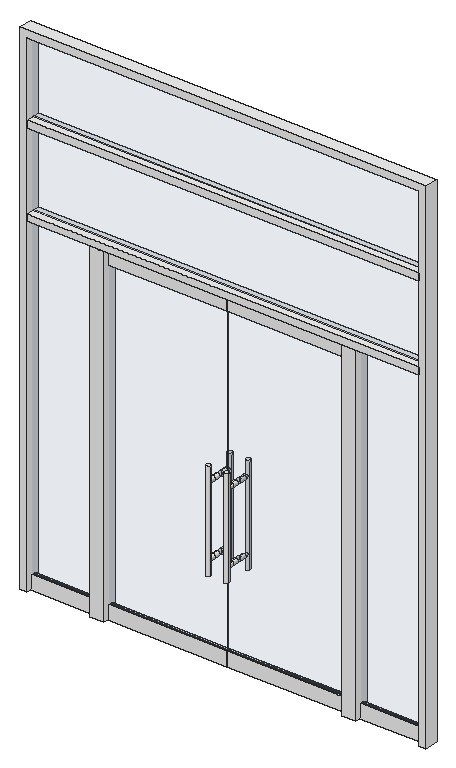
Revit family
Parameters
  프레임 투영 외부. = 25 mm
  프레임 투영 내부. = 25 mm
  프레임 폭 = 75 mm
  Height = 3600 mm
  Wall Closure = (empty or 0)
  Width = 2900 mm
  문 리프 길이 = 0.5 * 문 폭 - 50 mm  # 850 mm
  문 폭 = 1800 mm
  문 두께 = 100 mm
  문 패널 = SSD4 문 패널
  문 높이 = 2400 mm
  문 핸들 = 금속 - 크롬(2)
  문 프레임 = SSD4 문 프레임
Reference planes
  plane 1: y = 0
  plane 2 "왼쪽": x = -2750
  plane 3 "오른쪽": x = 150
  plane 4: z = 3600
  plane 5 "외부": y = 75
  plane 6 "내부": y = -75
  plane 7: x = -2200
  plane 8: x = -2700
  plane 9: x = 100
  plane 10: x = -2250
  plane 11: x = -2150
  plane 12: y = 50
  plane 13: y = -50
  plane 14: z = 3550
  plane 15: z = 2375
  plane 16: z = 2425
  plane 17: z = 2275
  plane 18: z = 100
  plane 19: y = 6
  plane 20: y = -6
  plane 21: y = 16
  plane 22: y = -16
  plane 23: x = -1300
  plane 24: x = -1365
  plane 25: x = -1235
  plane 26: z = 600
  plane 27: z = 1200
  plane 28: x = -400
  plane 29: x = -350
  plane 30: z = 2400
  plane 31: z = 3000
  plane 32: z = 2975
  plane 33: z = 3025
  plane 34: y = -850
  plane 35: y = 850
Forms (mm)
  Sweep 1, solid, material "SSD4 문 프레임" <- "문 프레임"
    path origin (0, 75, 0) x (1, 0, 0) y (0, 0, 1)
      loop
        line (150, 0) -> (150, 3600) -> (-2750, 3600) -> (-2750, 0)
    profile origin (150, 75, 1800) x (-1, 0, 0) y (0, -1, 0)
      loop
        line (50, 25) -> (50, 125) -> (0, 125) -> (0, 25) -> (50, 25)
  Extrusion 2, solid, material "SSD4 문 프레임" <- "문 프레임"
    sketch origin (-25, 0, 0) x (1, 0, 0) y (0, 1, 0)
      loop
        line (-2225, 50) -> (-2225, -50) -> (-2125, -50) -> (-2125, 50) -> (-2225, 50)
      loop
        line (-425, 50) -> (-425, -50) -> (-325, -50) -> (-325, 50) -> (-425, 50)
    from 0 to 2375
  Extrusion 3, solid, material "SSD4 문 패널" <- "문 패널"
    sketch origin (0, 0, 0) x (1, 0, 0) y (0, 1, 0)
      loop
        line (-2700, 6) -> (-2700, -6) -> (-2250, -6) -> (-2250, 6) -> (-2700, 6)
      loop
        line (-350, 6) -> (-350, -6) -> (100, -6) -> (100, 6) -> (-350, 6)
    from 0 to 2375
  Extrusion 4, solid, material "SSD4 문 패널" <- "문 패널"
    sketch origin (900, 0, 0) x (1, 0, 0) y (0, 1, 0)
      loop
        line (-3050, 6) -> (-3050, -6) -> (-2200, -6) -> (-2200, 6) -> (-3050, 6)
    from 0 to 2375
  Extrusion 5, solid, material "SSD4 문 패널" <- "문 패널"
    sketch origin (900, 0, 0) x (1, 0, 0) y (0, 1, 0)
      loop
        line (-2200, 6) -> (-2200, -6) -> (-1350, -6) -> (-1350, 6) -> (-2200, 6)
    from 0 to 2375
  Extrusion 6, solid, material "SSD4 문 프레임" <- "문 프레임"
    sketch origin (0, 0, 0) x (1, 0, 0) y (0, 1, 0)
      loop
        line (-2700, 6) -> (-2250, 6) -> (-2250, 16) -> (-2700, 16) -> (-2700, 6)
      loop
        line (-2700, -16) -> (-2250, -16) -> (-2250, -6) -> (-2700, -6) -> (-2700, -16)
      loop
        line (-350, 6) -> (100, 6) -> (100, 16) -> (-350, 16) -> (-350, 6)
      loop
        line (-350, -16) -> (100, -16) -> (100, -6) -> (-350, -6) -> (-350, -16)
    from 0 to 100
  Extrusion 7, solid, material "SSD4 문 프레임" <- "문 프레임"
    sketch origin (900, 0, 0) x (1, 0, 0) y (0, 1, 0)
      loop
        line (-3050, -16) -> (-2200, -16) -> (-2200, -6) -> (-3050, -6) -> (-3050, -16)
      loop
        line (-3050, 6) -> (-2200, 6) -> (-2200, 16) -> (-3050, 16) -> (-3050, 6)
    from 0 to 100
  Extrusion 8, solid, material "SSD4 문 프레임" <- "문 프레임"
    sketch origin (900, 0, 0) x (1, 0, 0) y (0, 1, 0)
      loop
        line (-2200, -16) -> (-1350, -16) -> (-1350, -6) -> (-2200, -6) -> (-2200, -16)
      loop
        line (-2200, 6) -> (-1350, 6) -> (-1350, 16) -> (-2200, 16) -> (-2200, 6)
    from 0 to 100
  Extrusion 9, solid, material "SSD4 문 프레임" <- "문 프레임"
    sketch origin (-2581.693, 300, 2275) x (0, 1, 0) y (1, 0, 0)
      loop
        line (-294, 431.693) -> (-284, 431.693) -> (-284, 1281.693) -> (-294, 1281.693) -> (-294, 431.693)
      loop
        line (-316, 431.693) -> (-306, 431.693) -> (-306, 1281.693) -> (-316, 1281.693) -> (-316, 431.693)
    from 0 to -100
  Extrusion 10, solid, material "SSD4 문 프레임" <- "문 프레임"
    sketch origin (-2581.693, 300, 2275) x (0, 1, 0) y (1, 0, 0)
      loop
        line (-294, 1281.693) -> (-284, 1281.693) -> (-284, 2131.693) -> (-294, 2131.693) -> (-294, 1281.693)
      loop
        line (-316, 1281.693) -> (-306, 1281.693) -> (-306, 2131.693) -> (-316, 2131.693) -> (-316, 1281.693)
    from 0 to -100
  Extrusion 11, solid, material "SSD4 문 패널" <- "문 패널"
    sketch origin (-2631.693, 300, 2375) x (0, 1, 0) y (1, 0, 0)
      loop
        line (-294, -118.307) -> (-294, 2731.693) -> (-306, 2731.693) -> (-306, -118.307) -> (-294, -118.307)
    from -50 to -600
  Extrusion 12, solid, material "SSD4 문 패널" <- "문 패널"
    sketch origin (-2581.693, 300, 2375) x (0, 1, 0) y (1, 0, 0)
      loop
        line (-294, -168.307) -> (-294, 2681.693) -> (-306, 2681.693) -> (-306, -168.307) -> (-294, -168.307)
    from -650 to -1175
  Extrusion 13, solid, material "SSD4 문 프레임" <- "문 프레임"
    sketch origin (-2581.693, 300, 2375) x (0, 1, 0) y (1, 0, 0)
      loop
        line (-250, -118.307) -> (-250, 2681.693) -> (-350, 2681.693) -> (-350, -118.307) -> (-250, -118.307)
    from 0 to -50
  Extrusion 14, solid, material "SSD4 문 프레임" <- "문 프레임"
    sketch origin (-2581.693, 300, 3000) x (0, 1, 0) y (1, 0, 0)
      loop
        line (-250, -118.307) -> (-250, 2681.693) -> (-350, 2681.693) -> (-350, -118.307) -> (-250, -118.307)
    from -25 to 25
Lines and regions (mm)
  Opening 1
    outline origin (-3050, -75, 0) x (1, 0, 0) y (0, 0, 1)
      loop
        line (300, 0) -> (3200, 0) -> (3200, 3600) -> (300, 3600) -> (300, 0)
  symbolic lines, style "평면 스윙"
    curve 1: line (-2150, 0, 2375) -> (-2150, 850, 2375)
    curve 2: line (-2150, 850, 2375) -> (-2118, 850, 2375)
    curve 3: line (-2118, 850, 2375) -> (-2118, 0, 2375)
    curve 4: line (-2150, 0, 2375) -> (-2150, -850, 2375)
    curve 5: line (-2150, -850, 2375) -> (-2118, -850, 2375)
    curve 6: line (-2118, -850, 2375) -> (-2118, 0, 2375)
    curve 7: line (-450, 0, 2375) -> (-450, 850, 2375)
    curve 8: line (-450, 850, 2375) -> (-482, 850, 2375)
    curve 9: line (-482, 850, 2375) -> (-482, 0, 2375)
    curve 10: line (-450, 0, 2375) -> (-450, -850, 2375)
    curve 11: line (-450, -850, 2375) -> (-482, -850, 2375)
    curve 12: line (-482, -850, 2375) -> (-482, 0, 2375)
    curve 17: arc (-2150, -850, 3000) -> (-1548.959, -601.041, 3000) -> (-1300, 0, 3000) r 850
    curve 18: arc (-450, -850, 3000) -> (-1051.041, -601.041, 3000) -> (-1300, 0, 3000) r 850
    curve 19: arc (-2150, 850, 3000) -> (-1548.959, 601.041, 3000) -> (-1300, 0, 3000) r 850
    curve 20: arc (-450, 850, 3000) -> (-1051.041, 601.041, 3000) -> (-1300, 0, 3000) r 850
  symbolic lines, style "입면도 스윙"
    curve 13: line (-1300, 75, 2375) -> (-450, 75, 1200)
    curve 14: line (-450, 75, 1200) -> (-1300, 75, 0)
    curve 15: line (-1300, 75, 0) -> (-2150, 75, 1200)
    curve 16: line (-2150, 75, 1200) -> (-1300, 75, 2375)
  symbolic lines
    curve 21: line (-2750, 50, 3000) -> (-2150, 50, 3000)
    curve 22: line (-2750, -50, 3000) -> (-2750, 50, 3000)
    curve 23: line (-2150, -50, 3000) -> (-2750, -50, 3000)
    curve 24: line (-2150, 50, 3000) -> (-2150, -50, 3000)
    curve 25: line (-2750, 0, 3000) -> (-2150, 0, 3000)
    curve 26: line (-450, 50, 3000) -> (150, 50, 3000)
    curve 27: line (-450, -50, 3000) -> (-450, 50, 3000)
    curve 28: line (150, -50, 3000) -> (-450, -50, 3000)
    curve 29: line (150, 50, 3000) -> (150, -50, 3000)
    curve 30: line (-450, 0, 3000) -> (150, 0, 3000)
Text (mm)
  text "외부" at (-2295.016, 2398.744, 0), in view "참조 레벨"
  text "외부" at (0, 1615.38, 3698.081), in view "왼쪽"
  text "외부" at (0, 1036.032, 3874.932), in view "오른쪽"
Dimensions and locks
  plane 2 "왼쪽" to plane 3 "오른쪽" = 2900 mm
  "Width": plane 2 "왼쪽" to plane 3 "오른쪽"
  "Height": plane 4 to host wall
  "문 높이": host wall to plane 30
  host wall to plane 4 = 3600 mm
  locked: plane 5 "외부" to host wall at 0
  locked: plane 6 "내부" to host wall
  locked: plane 2 "왼쪽" to plane 8 at 50
  plane 10 to plane 7 to plane 11 = 50 mm locked, 50 mm locked
  locked: plane 9 to plane 3 "오른쪽" at 50
  "문 두께": plane 12 to plane 13
  locked: plane 14 to plane 4 at 50
  locked: plane 15 to plane 16 at 50
  locked: plane 17 to plane 15 at 100
  locked: level to plane 18 at 100
  plane 19 to host wall to plane 20 = 6 mm locked, 6 mm locked
  locked: plane 20 to plane 22 at 10
  locked: plane 21 to plane 19 at 10
  locked: Extrusion 6 to plane 26 at 600
  plane 24 to plane 23 to plane 25 = 65 mm locked, 65 mm locked
  locked: curve 4 to curve 6 at 32
  locked: level to plane 27 at 1200
  equal spacing: plane 2 "왼쪽", plane 23, plane 3 "오른쪽"
  curve 10 to plane 28 to plane 29 = 50 mm locked, 50 mm locked
  "문 폭": plane 7 to plane 28
  equal spacing: plane 7, plane 23, plane 28
  locked: plane 15 to plane 30 at 25
  equal spacing: plane 30, plane 31, plane 4
  plane 32 to plane 31 to plane 33 = 25 mm locked, 25 mm locked
  "문 리프 길이": plane 34 to plane 1
  "문 리프 길이": plane 35 to host wall
  equal spacing: plane 12, plane 1, plane 13
  aligned and locked: plane 2 "왼쪽" to Opening 1 sketch curve
  aligned and locked: plane 4 to Opening 1 sketch curve  (x2)
  aligned and locked: Opening 1 sketch curve to plane 3 "오른쪽"
  aligned and locked: Opening 1 sketch curve to level
  aligned and locked: host wall to plane 1
  aligned and locked: Sweep 1 sketch curve to plane 2 "왼쪽"
  aligned and locked: plane 4 to Sweep 1 sketch curve
  aligned and locked: plane 3 "오른쪽" to Sweep 1 sketch curve
  aligned and locked: plane 9 to Sweep 1 sketch curve
  aligned and locked: host wall to Sweep 1 sketch curve
  aligned and locked: Sweep 1 sketch curve to plane 12
  aligned and locked: plane 13 to Sweep 1 sketch curve
  aligned and locked: plane 10 to Extrusion 2 sketch curve
  aligned and locked: Extrusion 2 sketch curve to plane 12  (x2)
  aligned and locked: plane 13 to Extrusion 2 sketch curve  (x2)
  aligned and locked: plane 11 to Extrusion 2 sketch curve
  aligned and locked: plane 14 to Sweep 1
  aligned and locked: plane 8 to Extrusion 3 sketch curve
  aligned and locked: Extrusion 3 sketch curve to plane 19  (x2)
  aligned and locked: plane 20 to Extrusion 3 sketch curve  (x2)
  aligned and locked: plane 10 to Extrusion 3 sketch curve
  aligned and locked: plane 9 to Extrusion 3 sketch curve
  aligned and locked: plane 11 to Extrusion 4 sketch curve
  aligned and locked: Extrusion 4 sketch curve to plane 19
  aligned and locked: plane 20 to Extrusion 4 sketch curve
  aligned and locked: plane 23 to Extrusion 4 sketch curve
  aligned and locked: Extrusion 4 to Extrusion 5 sketch curve
  aligned and locked: Extrusion 5 sketch curve to Extrusion 4
  aligned and locked: plane 20 to Extrusion 5 sketch curve
  aligned and locked: Extrusion 6 sketch curve to Extrusion 3  (x5)
  aligned and locked: plane 21 to Extrusion 6 sketch curve  (x2)
  aligned and locked: Extrusion 6 sketch curve to plane 10
  aligned and locked: plane 8 to Extrusion 6 sketch curve
  aligned and locked: Extrusion 6 sketch curve to plane 22
  aligned and locked: Extrusion 3 to Extrusion 6 sketch curve  (x2)
  aligned and locked: Extrusion 6 sketch curve to plane 9
  aligned and locked: Extrusion 3 to plane 15
  aligned and locked: plane 18 to Extrusion 6
  aligned and locked: Extrusion 5 to plane 15
  aligned and locked: Extrusion 4 to plane 15
  aligned and locked: plane 11 to Extrusion 7 sketch curve
  aligned and locked: Extrusion 7 sketch curve to plane 22
  aligned and locked: Extrusion 4 to Extrusion 7 sketch curve
  aligned and locked: Extrusion 7 sketch curve to Extrusion 4  (x3)
  aligned and locked: plane 21 to Extrusion 7 sketch curve
  aligned and locked: Extrusion 7 sketch curve to plane 23
  aligned and locked: Extrusion 8 sketch curve to Extrusion 7
  aligned and locked: Extrusion 7 to Extrusion 8 sketch curve
  aligned and locked: Extrusion 5 to Extrusion 8 sketch curve
  aligned and locked: Extrusion 4 to Extrusion 8 sketch curve
  aligned and locked: Extrusion 8 sketch curve to Extrusion 5
  aligned and locked: plane 21 to Extrusion 8 sketch curve
  aligned and locked: plane 18 to Extrusion 8
  aligned and locked: plane 18 to Extrusion 7
  aligned and locked: Extrusion 4 to Extrusion 9 sketch curve
  aligned and locked: Extrusion 9 sketch curve to Extrusion 4  (x2)
  aligned and locked: Extrusion 9 sketch curve to Extrusion 7  (x3)
  aligned and locked: Extrusion 7 to Extrusion 9 sketch curve
  aligned and locked: Extrusion 5 to Extrusion 9 sketch curve
  aligned and locked: Extrusion 10 sketch curve to Extrusion 4
  aligned and locked: Extrusion 4 to Extrusion 10 sketch curve
  aligned and locked: Extrusion 10 sketch curve to Extrusion 8
  aligned and locked: Extrusion 10 sketch curve to Extrusion 7
  aligned and locked: Extrusion 7 to Extrusion 10 sketch curve
  aligned and locked: Extrusion 10 sketch curve to Extrusion 5
  aligned and locked: Extrusion 10 to plane 15
  aligned and locked: Extrusion 9 to plane 15
  aligned and locked: Extrusion 11 sketch curve to Extrusion 3  (x2)
  aligned and locked: Extrusion 12 sketch curve to Extrusion 4
  aligned and locked: Extrusion 12 sketch curve to Extrusion 3
  aligned and locked: plane 16 to Extrusion 11
  aligned and locked: Extrusion 12 to Sweep 1
  aligned and locked: Extrusion 13 sketch curve to Extrusion 2
  aligned and locked: Extrusion 13 to plane 16
  aligned and locked: Extrusion 7 to nested 1
  aligned and locked: Extrusion 8 to nested 2
  aligned and locked: nested 2 to plane 25
  aligned and locked: nested 1 to plane 24
  aligned and locked: nested 3 to Extrusion 7
  aligned and locked: nested 4 to Extrusion 8
  aligned and locked: plane 25 to nested 4
  aligned and locked: plane 24 to nested 3
  aligned and locked: plane 26 to nested 4
  aligned and locked: plane 26 to nested 3
  aligned and locked: nested 2 to plane 26
  aligned and locked: nested 1 to plane 26
  aligned and locked: Extrusion 2 sketch curve to curve 10
  aligned and locked: Extrusion 2 sketch curve to plane 29
  aligned and locked: Extrusion 6 sketch curve to plane 29  (x2)
  aligned and locked: plane 29 to Extrusion 3 sketch curve
  aligned and locked: Extrusion 8 sketch curve to Extrusion 2  (x2)
  aligned and locked: Extrusion 2 to Extrusion 5 sketch curve
  aligned and locked: Extrusion 2 to plane 15
  aligned and locked: plane 33 to Extrusion 12
  aligned and locked: Extrusion 12 sketch curve to plane 2 "왼쪽"
  aligned and locked: plane 9 to Extrusion 12 sketch curve
  aligned and locked: Extrusion 14 sketch curve to Sweep 1  (x2)
  aligned and locked: plane 12 to Extrusion 14 sketch curve
  aligned and locked: plane 13 to Extrusion 14 sketch curve
  aligned and locked: Extrusion 14 to Extrusion 12
  aligned and locked: Extrusion 14 to Extrusion 11
  aligned and locked: Extrusion 13 sketch curve to Sweep 1
  aligned and locked: plane 9 to Extrusion 13 sketch curve
  aligned and locked: plane 34 to curve 11
  aligned and locked: plane 35 to curve 8
  aligned and locked: curve 2 to plane 35
  aligned and locked: curve 5 to plane 34
  aligned and locked: plane 11 to curve 4
  aligned and locked: curve 4 to curve 17
  aligned and locked: Extrusion 4 to curve 17
  aligned and locked: curve 10 to curve 18
  aligned and locked: curve 1 to curve 19
  aligned and locked: curve 7 to curve 20
  aligned and locked: Extrusion 2 to curve 14
  aligned and locked: plane 27 to curve 14
  aligned and locked: plane 27 to curve 16
  aligned and locked: Extrusion 2 to curve 15
  aligned and locked: Extrusion 11 to plane 9
  aligned and locked: Sweep 1 to curve 21
  aligned and locked: curve 21 to Sweep 1
  aligned and locked: curve 24 to Extrusion 2  (x2)
  aligned and locked: curve 25 to host wall
  aligned and locked: Extrusion 2 to curve 26
  aligned and locked: curve 26 to Extrusion 2
  aligned and locked: curve 29 to Sweep 1  (x2)
  aligned and locked: curve 30 to plane 1
  aligned and locked: plane 32 to Extrusion 14
Automatic sketch dimensions
  Sweep 1 sketch curve to level = 0 mm  (x2)
  Extrusion 6 sketch curve to plane 22 = 0 mm
  Extrusion 6 sketch curve to plane 21 = 0 mm
  curve 7 to host wall = 0 mm
  curve 6 to host wall = 0 mm
  curve 4 to host wall = 0 mm
  curve 9 to host wall = 0 mm
  curve 11 to curve 11 = 32 mm
  Extrusion 10 sketch curve to plane 28 = 50 mm
  Extrusion 10 sketch curve to Extrusion 10 sketch curve = 0 mm
  Extrusion 13 sketch curve to plane 13 = 0 mm
  curve 14 to level = 0 mm
  curve 14 to plane 23 = 0 mm
  curve 16 to plane 15 = 0 mm
  curve 16 to plane 23 = 0 mm
  plane 9 to Extrusion 11 sketch curve = 0 mm
  Extrusion 11 sketch curve to plane 2 "왼쪽" = 0 mm
  curve 17 to curve 19 = 0 mm
  curve 17 to plane 34 = 0 mm
  curve 18 to plane 34 = 0 mm
  curve 19 to plane 35 = 0 mm
  curve 20 to plane 35 = 0 mm
Nested families
  nested 1: "KO_문 손잡이 유형3" at (-1365, -16, 100), type "핸들 유형3 03 길이700"
  nested 2: "KO_문 손잡이 유형3" at (-1235, -16, 100), type "핸들 유형3 03 길이700"
  nested 3: "KO_문 손잡이 유형3" at (-1365, 16, 100), type "핸들 유형3 03 길이700"
  nested 4: "KO_문 손잡이 유형3" at (-1235, 16, 100), type "핸들 유형3 03 길이700"
Definition of nested family "KO_문 손잡이 유형3"
  Parameters (values of type "핸들 유형3 01 길이600")
    링크 점 = 100 mm
    링크 재료 = 금속 - 크롬(2)
    핸들 재료 = 금속 - 크롬(2)
    핸들 깊이 = 80 mm
    링크 두께 = 10 mm
    핸들 반지름 = 17.5 mm
    기둥 점 = 500 mm
    핸들 길이 = 600 mm
    Assembly Code = ""
  Types (3, lengths in mm): name | 핸들 반지름 | 핸들 길이
    핸들 유형3 01 길이600 | 17.5 | 600
    핸들 유형3 02 길이650 | 15 | 650
    핸들 유형3 03 길이700 | 15 | 700
  Reference planes
    plane 1 "중심(앞/뒤)": y = 0
    plane 2: z = 0
    plane 3 "중심(왼쪽/오른쪽)": x = 0
    plane 4 "하드웨어": z = 500
    plane 5: z = 1100
  Forms (mm)
    Sweep 1, solid, material "금속 - 크롬(2)" <- "핸들 재료"
      path origin (0, 0, 0) x (0, 1, 0) y (0, 0, 1)
        loop
          line (-80, 1100) -> (-80, 500)
      profile origin (0, 0, 800) x (1, 0, 0) y (0, 1, 0)
        loop
          circle (0, -80) r 17.5
    Revolve 2, solid, material "금속 - 크롬(2)" <- "링크 재료"
      sketch origin (0, 0, 0) x (0, 1, 0) y (0, 0, 1)
        loop
          line (-80, 1000) -> (0, 1000) -> (0, 1015) -> (-40, 1015) -> (-80, 1007.081) -> (-80, 1000)
        axis (-80, 1000) -> (0, 1000)
      angle from 0 to 360
    Revolve 3, solid, material "금속 - 크롬(2)" <- "링크 재료"
      sketch origin (0, 0, 0) x (0, 1, 0) y (0, 0, 1)
        loop
          line (0, 600) -> (0, 615) -> (-40, 615) -> (-80, 607.081) -> (-80, 600) -> (0, 600)
        axis (-80, 600) -> (0, 600)
      angle from 0 to 360
  Dimensions and locks
    "기둥 점": plane 4 "하드웨어" to plane 2
    "핸들 길이": plane 5 to plane 4 "하드웨어"
    "핸들 깊이": Sweep 1 sketch curve to plane 1 "중심(앞/뒤)"
    locked: Revolve 2 sketch curve to Revolve 2 sketch curve at 15
    locked: Revolve 2 sketch curve to Revolve 2 sketch curve at 7.081
    "링크 점": Revolve 2 sketch curve to Sweep 1
    locked: Revolve 3 sketch curve to Revolve 3 sketch curve at 7.081
    locked: Revolve 3 sketch curve to Revolve 3 sketch curve at 15
    "링크 점": plane 4 "하드웨어" to Revolve 3 sketch curve
    equal spacing: Revolve 2 sketch curve, Revolve 2 sketch curve, Revolve 2 sketch curve
    equal spacing: Revolve 3 sketch curve, Revolve 3 sketch curve, Revolve 3 sketch curve
    "핸들 반지름": radius of Sweep 1 sketch curve
    aligned and locked: plane 4 "하드웨어" to Sweep 1 sketch curve
    aligned and locked: plane 5 to Sweep 1 sketch curve
    aligned and locked: Sweep 1 to Revolve 2 sketch curve  (x2)
    aligned and locked: Sweep 1 to Revolve 3 sketch curve
    aligned and locked: Revolve 3 sketch curve to plane 1 "중심(앞/뒤)"
  Automatic sketch dimensions
    Sweep 1 sketch curve to plane 3 "중심(왼쪽/오른쪽)" = 0 mm
    Sweep 1 sketch curve to profile plane = 0 mm
    Revolve 2 sketch curve to Revolve 2 sketch curve = 0 mm  (x2)
    Revolve 2 sketch curve to plane 1 "중심(앞/뒤)" = 70 mm
    Revolve 3 sketch curve to Revolve 3 sketch curve = 0 mm  (x2)
    Revolve 3 sketch curve to Revolve 3 sketch curve = 39.243 mm
    Revolve 2 sketch curve to plane 1 "중심(앞/뒤)" = 0 mm
